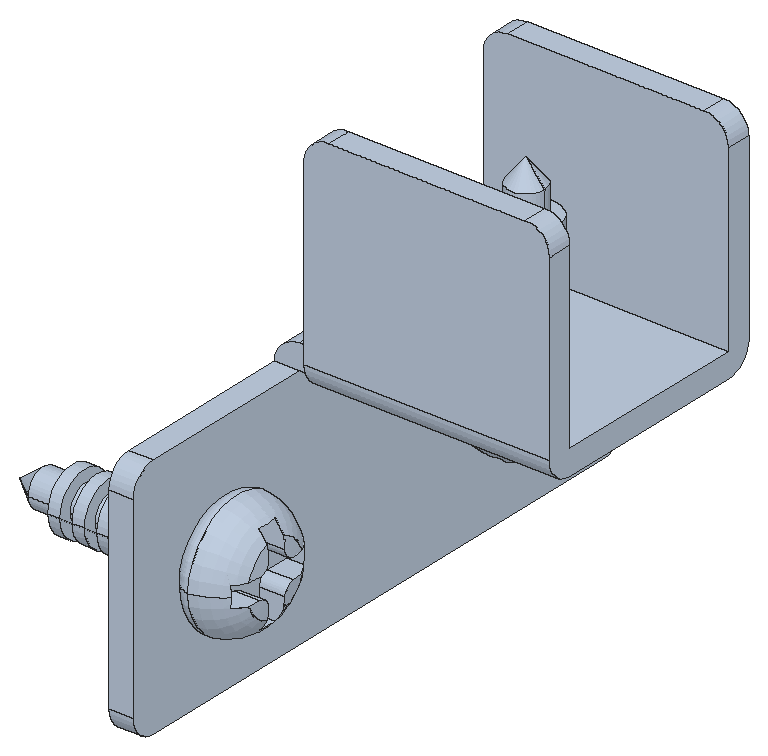
Revit family "MCCLG", category 機械設備, Revit 2020
Family settings
  丸型コネクタ寸法 = 直径を使用
  パーツ タイプ = 標準
  OmniClass 番号 = 23.75.00.00
  OmniClass タイトル = Climate Control (HVAC)
  作業面ベース = いいえ
  常に垂直 = はい
  ロード時にボイドで切り取り = いいえ
  共有 = はい
  部屋計算ポイント = いいえ
Parameters
  ﾋﾞｽ ﾏﾃﾘｱﾙ [instance] = 電気亜鉛メッキ
  既定の高さ = 0 mm
  ﾋﾞｽ [instance] = yes
  MCｸﾘｯﾌﾟｶﾞｰﾄﾞ ﾏﾃﾘｱﾙ [instance] = 溶融亜鉛メッキ
  MCｸﾘｯﾌﾟｶﾞｰﾄﾞ [instance] = yes
Reference planes
  plane 1 "中心(正面/背面)": y = 0
  plane 2: z = 0
  plane 3 "中心(左/右)": x = 0
  plane 4: x = 11.2
Dimensions and locks
  aligned and locked: level to plane 2
  aligned and locked: plane 4 to nested 4
Nested families
  nested 1: "MCCLGp" at (1.6, 0, -1.6) x (0, 1, 0) z (0, 0, 1), MCｸﾘｯﾌﾟｶﾞｰﾄﾞ ﾏﾃﾘｱﾙ <- "MCｸﾘｯﾌﾟｶﾞｰﾄﾞ ﾏﾃﾘｱﾙ", MCｸﾘｯﾌﾟｶﾞｰﾄﾞ <- "MCｸﾘｯﾌﾟｶﾞｰﾄﾞ", type "MCｸﾘｯﾌﾟｶﾞｰﾄﾞ"
  nested 2: "ﾅﾍﾞﾋﾞｽ" at (1.6, 13, -9.6) x (0, 1, 0) z (1, 0, 0), ﾋﾞｽ　ﾏﾃﾘｱﾙ <- "ﾋﾞｽ ﾏﾃﾘｱﾙ", type "4x13"
    with ﾋﾞｽ　ﾏﾃﾘｱﾙ 電気亜鉛メッキ
  nested 3: "ﾅﾍﾞﾋﾞｽ" at (1.6, -13, -9.6) x (0, 1, 0) z (1, 0, 0), ﾋﾞｽ　ﾏﾃﾘｱﾙ <- "ﾋﾞｽ ﾏﾃﾘｱﾙ", type "4x13"
    with ﾋﾞｽ　ﾏﾃﾘｱﾙ 電気亜鉛メッキ
  nested 4: "ﾅﾍﾞﾋﾞｽ" at (11.2, 0, -1.6) x (1, 0, 0) z (0, 0, -1), ﾋﾞｽ　ﾏﾃﾘｱﾙ <- "ﾋﾞｽ ﾏﾃﾘｱﾙ", type "4x13"
    with ﾋﾞｽ　ﾏﾃﾘｱﾙ 電気亜鉛メッキ
Definition of nested family "MCCLGp"
  Parameters (values of type "MCｸﾘｯﾌﾟｶﾞｰﾄﾞ")
    Manufacturer = "株式会社サンユー"
    Default Elevation = 0 mm
    URL = "http://www.3you.co.jp"
    MCｸﾘｯﾌﾟｶﾞｰﾄﾞ ﾏﾃﾘｱﾙ [instance] = none
    MCｸﾘｯﾌﾟｶﾞｰﾄﾞ [instance] = yes
  Reference planes
    plane 1 "中心(正面/背面)": y = 0
    plane 2: z = 0
    plane 3 "中心(左/右)": x = 0
  Forms (mm)
    Extrusion 1, solid, material <- "MCｸﾘｯﾌﾟｶﾞｰﾄﾞ ﾏﾃﾘｱﾙ", visible <- "MCｸﾘｯﾌﾟｶﾞｰﾄﾞ"
      sketch origin (0, 0, 0) x (1, 0, 0) y (0, 1, 0)
        loop
          line (-6.5, 0) -> (-6.5, -17.6) -> (6.5, -17.6) -> (6.5, 0) -> (-6.5, 0)
        loop
          circle (0, -9.6) r 2
      from 0 to 1.6
    Extrusion 2, solid, material <- "MCｸﾘｯﾌﾟｶﾞｰﾄﾞ ﾏﾃﾘｱﾙ", visible <- "MCｸﾘｯﾌﾟｶﾞｰﾄﾞ"
      sketch origin (0, 0, 0) x (1, 0, 0) y (0, 0, 1)
        loop
          line (-18.4, -16) -> (18.4, -16)
          arc (18.4, -16) -> (19.531, -15.531) -> (20, -14.4) r 1.6
          line (20, -14.4) -> (20, -1.6)
          arc (20, -1.6) -> (19.531, -0.469) -> (18.4, 0) r 1.6
          line (18.4, 0) -> (-18.4, 0)
          arc (-18.4, 0) -> (-19.531, -0.469) -> (-20, -1.6) r 1.6
          line (-20, -1.6) -> (-20, -14.4)
          arc (-20, -14.4) -> (-19.531, -15.531) -> (-18.4, -16) r 1.6
        loop
          circle (-13, -8) r 2.5
        loop
          circle (13, -8) r 2.5
      from 0 to -1.6
    Extrusion 3, solid, material <- "MCｸﾘｯﾌﾟｶﾞｰﾄﾞ ﾏﾃﾘｱﾙ", visible <- "MCｸﾘｯﾌﾟｶﾞｰﾄﾞ"
      sketch origin (0, 0, 0) x (1, 0, 0) y (0, 0, 1)
        loop
          arc (-8.1, 1.6) -> (-7.631, 0.469) -> (-6.5, 0) r 1.6
          line (-6.5, 0) -> (-6.5, 1.6) -> (-8.1, 1.6)
      from 1.6 to 17.6
    Extrusion 4, solid, material <- "MCｸﾘｯﾌﾟｶﾞｰﾄﾞ ﾏﾃﾘｱﾙ", visible <- "MCｸﾘｯﾌﾟｶﾞｰﾄﾞ"
      sketch origin (0, 0, 0) x (1, 0, 0) y (0, 0, 1)
        loop
          arc (6.5, 0) -> (7.631, 0.469) -> (8.1, 1.6) r 1.6
          line (8.1, 1.6) -> (6.5, 1.6) -> (6.5, 0)
      from 1.6 to 17.6
    Extrusion 5, solid, material <- "MCｸﾘｯﾌﾟｶﾞｰﾄﾞ ﾏﾃﾘｱﾙ", visible <- "MCｸﾘｯﾌﾟｶﾞｰﾄﾞ"
      sketch origin (0, 0, 0) x (0, 1, 0) y (0, 0, 1)
        loop
          line (-17.6, 13.5) -> (-17.6, 1.6) -> (-1.6, 1.6) -> (-1.6, 13.5)
          arc (-1.6, 13.5) -> (-2.069, 14.631) -> (-3.2, 15.1) r 1.6
          line (-3.2, 15.1) -> (-16, 15.1)
          arc (-16, 15.1) -> (-17.131, 14.631) -> (-17.6, 13.5) r 1.6
      from 6.5 to 8.1
    Extrusion 6, solid, material <- "MCｸﾘｯﾌﾟｶﾞｰﾄﾞ ﾏﾃﾘｱﾙ", visible <- "MCｸﾘｯﾌﾟｶﾞｰﾄﾞ"
      sketch origin (0, 0, 0) x (0, 1, 0) y (0, 0, 1)
        loop
          arc (-1.6, 13.5) -> (-2.069, 14.631) -> (-3.2, 15.1) r 1.6
          line (-3.2, 15.1) -> (-16, 15.1)
          arc (-16, 15.1) -> (-17.131, 14.631) -> (-17.6, 13.5) r 1.6
          line (-17.6, 13.5) -> (-17.6, 1.6) -> (-1.6, 1.6) -> (-1.6, 13.5)
      from -6.5 to -8.1
    Extrusion 7, solid, material <- "MCｸﾘｯﾌﾟｶﾞｰﾄﾞ ﾏﾃﾘｱﾙ", visible <- "MCｸﾘｯﾌﾟｶﾞｰﾄﾞ"
      sketch origin (0, 0, 0) x (0, 1, 0) y (0, 0, 1)
        loop
          line (0, 1.6) -> (0, 0) -> (1.6, 0)
          arc (1.6, 0) -> (1.131, 1.131) -> (0, 1.6) r 1.6
      from -6.5 to 6.5
  Cuts and joins
    joined: Extrusion 1, Extrusion 2, Extrusion 3, Extrusion 4, Extrusion 5, Extrusion 6, Extrusion 7
  Dimensions and locks
    aligned and locked: level to plane 2
Definition of nested family "ﾅﾍﾞﾋﾞｽ"
  Parameters (values of type "4x13")
    ﾋﾞｽ　ﾏﾃﾘｱﾙ [instance] = none
    ﾋﾞｽ 表示 = yes
    頭 = 4 mm
    Default Elevation = 0 mm
    ねじ山 = L / 1.6 mm - 1  # 6
    Rビス = 1.2 mm
    L = 11.5 mm
  Types (5, lengths in mm): name | 頭 | ねじ山 | Rビス | L
    4x13 | 4 | 6 | 1.2 | 11.5
    4x16 | 4 | 8 | 1.2 | 14.5
    5x16 | 4.5 | 8 | 1.7 | 14.5
    5x19 | 4.5 | 10 | 1.7 | 17.5
    5x30 | 4.5 | 17 | 1.7 | 28.5
  Reference planes
    plane 1 "中心(正面/背面)": y = 0
    plane 2: z = 0
    plane 3 "中心(左/右)": x = 0
    plane 4: z = -11.5
    plane 5: x = -4
    plane 6: y = 0
    plane 7: z = -0.8
    plane 8: x = -3
    plane 9: y = 3
    plane 10: y = -3
    plane 11: x = 3
    plane 12: x = -1
    plane 13: x = -0.69
    plane 14: x = 0.69
    plane 15: y = -0.69
    plane 16: y = 0.69
    plane 17: y = 1
    plane 18: x = 1
    plane 19: y = -1
  Forms (mm)
    Revolve 1, solid, material <- "ﾋﾞｽ　ﾏﾃﾘｱﾙ", visible <- "ﾋﾞｽ 表示"
      sketch origin (0, 0, 0) x (1, 0, 0) y (0, 0, -1)
        loop
          line (0, 13) -> (-1.2, 11.5) -> (-1.2, 0) -> (0, 0) -> (0, 13)
        axis (0, 0) -> (0, 13)
      angle from 0 to 360
    Revolve 2, solid, material <- "ﾋﾞｽ　ﾏﾃﾘｱﾙ", visible <- "ﾋﾞｽ 表示"
      sketch origin (0, 0, 1.042) x (1, 0, 0) y (0, 0, -1)
        loop
          line (0, -2.755) -> (0, 1.042) -> (-2.904, 1.042)
          arc (-2.904, 1.042) -> (-3.698, 0.703) -> (-4, -0.106) r 1.097
          arc (-4, -0.106) -> (-3.448, -1.556) -> (-2.283, -2.58) r 3.224
          arc (-2.283, -2.58) -> (-1.144, -2.701) -> (0, -2.755) r 19.822
        axis (0, -2.755) -> (0, 1.042)
      angle from 0 to 360
    Extrusion 3, void
      sketch origin (0, 0, 0) x (1, 0, 0) y (0, 1, 0)
        loop
          line (-3, 0.69) -> (-3, -0.69) -> (-1.38, -0.69)
          arc (-1.38, -0.69) -> (-0.892, -0.892) -> (-0.69, -1.38) r 0.69
          line (-0.69, -1.38) -> (-0.69, -3) -> (0.69, -3) -> (0.69, -1.38)
          arc (0.69, -1.38) -> (0.892, -0.892) -> (1.38, -0.69) r 0.69
          line (1.38, -0.69) -> (3, -0.69) -> (3, 0.69) -> (1.38, 0.69)
          arc (1.38, 0.69) -> (0.892, 0.892) -> (0.69, 1.38) r 0.69
          line (0.69, 1.38) -> (0.69, 3) -> (-0.69, 3) -> (-0.69, 1.38)
          arc (-0.69, 1.38) -> (-0.892, 0.892) -> (-1.38, 0.69) r 0.69
          line (-1.38, 0.69) -> (-3, 0.69)
      from 2 to 5
  Cuts and joins
    Extrusion 3 cuts Revolve 2
    joined: Revolve 1, Revolve 2
  Dimensions and locks
    "頭": plane 5 to plane 3 "中心(左/右)"
    "Rビス": Revolve 1 sketch curve to Revolve 1 sketch curve
    "L": level to plane 4
    locked: plane 2 to plane 7 at 0.8
    equal spacing: group 1, group 2, group 3, group 4, group 5, group 6  (x2)
    equal spacing: group 6, group 5, group 4, group 3, group 2, group 1
    aligned and locked: level to plane 2
    aligned and locked: nested 1 to plane 7
  Automatic sketch dimensions
    Revolve 2 sketch curve to plane 5 = 0 mm  (x2)
    Revolve 2 sketch curve to level = 0 mm  (x2)
    Revolve 2 sketch curve to plane 3 "中心(左/右)" = 0 mm  (x2)
    Revolve 2 sketch curve to plane 3 "中心(左/右)" = 0.8 mm
    plane 3 "中心(左/右)" to Revolve 2 sketch curve = 0.368 mm
    level to Revolve 2 sketch curve = 0.761 mm
    plane 4 to Revolve 2 sketch curve = 4.521 mm
    Revolve 2 sketch curve to Revolve 2 sketch curve = 0 mm
    level to Revolve 2 sketch curve = 1.097 mm
    Revolve 2 sketch curve to Revolve 2 sketch curve = 3.037 mm
    Extrusion 3 sketch curve to plane 8 = 0 mm
    Extrusion 3 sketch curve to plane 14 = 0 mm  (x2)
    plane 10 to Extrusion 3 sketch curve = 0 mm
    Extrusion 3 sketch curve to plane 15 = 0 mm  (x2)
    Extrusion 3 sketch curve to plane 11 = 0 mm
    Extrusion 3 sketch curve to plane 19 = 0.38 mm  (x2)
    Extrusion 3 sketch curve to plane 9 = 0 mm
    Extrusion 3 sketch curve to plane 13 = 0 mm  (x2)
    plane 17 to Extrusion 3 sketch curve = 0.38 mm  (x2)
    Extrusion 3 sketch curve to plane 16 = 0 mm  (x2)
    Revolve 1 sketch curve to plane 4 = 0 mm
    Revolve 1 sketch curve to level = 0 mm  (x2)
    Revolve 1 sketch curve to plane 3 "中心(左/右)" = 0 mm  (x2)
    plane 4 to Revolve 1 sketch curve = 1.5 mm
    Revolve 1 sketch curve to Revolve 1 sketch curve = 0 mm
  Nested families
    nested 1: "ねじ山" at (0, 0, -1.6), visible <- "ﾋﾞｽ 表示", type "ねじ山"
    nested 2: "ねじ山" at (0, 0, -3.2), visible <- "ﾋﾞｽ 表示", type "ねじ山"
    nested 3: "ねじ山" at (0, 0, -4.8), visible <- "ﾋﾞｽ 表示", type "ねじ山"
    nested 4: "ねじ山" at (0, 0, -6.4), visible <- "ﾋﾞｽ 表示", type "ねじ山"
    nested 5: "ねじ山" at (0, 0, -8), visible <- "ﾋﾞｽ 表示", type "ねじ山"
    nested 6: "ねじ山" at (0, 0, -9.6), visible <- "ﾋﾞｽ 表示", type "ねじ山"
  Definition of nested family "ねじ山"
    Parameters (values of type "ねじ山")
      ねじ山　ﾏﾃﾘｱﾙ = none
      Default Elevation = 0 mm
      外半径 = 内半径 + 0.8 mm  # 2.9 mm
      内半径 = 2.1 mm
      ねじ山 表示 = yes
    Reference planes
      plane 1 "中心(正面/背面)": y = 0
      plane 2: z = 0
      plane 3 "中心(左/右)": x = 0
    Forms (mm)
      Extrusion 1, solid, material <- "ねじ山　ﾏﾃﾘｱﾙ", visible <- "ねじ山 表示"
        sketch origin (0, 0, 0) x (1, 0, 0) y (0, 1, 0)
          loop
            circle (0, 0) r 2.1
          loop
            circle (0, 0) r 2.9
        from 0 to 0.8
    Dimensions and locks
      "内半径": radius of Extrusion 1 sketch curve
      "外半径": radius of Extrusion 1 sketch curve
      aligned and locked: level to plane 2
    Automatic sketch dimensions
      Extrusion 1 sketch curve to Extrusion 1 sketch curve = 0 mm  (x2)
      plane 1 "中心(正面/背面)" to Extrusion 1 sketch curve = 0 mm
      Extrusion 1 sketch curve to plane 3 "中心(左/右)" = 0 mm
